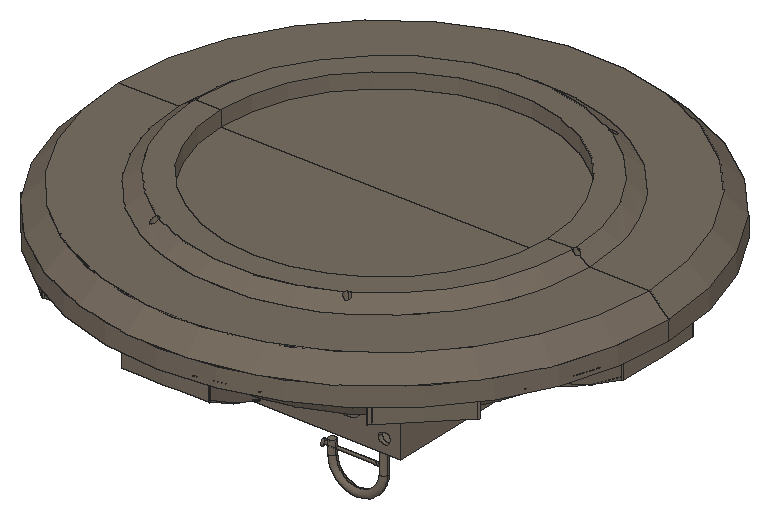
Revit family "MLB", category Lighting Fixtures, host Face, Revit 2020
Family settings
  Host = Face
  Round Connector Dimension = Use Diameter
  Part Type = Normal
  Cut with Voids When Loaded = No
  Light Source = Yes
  Shared = No
  Room Calculation Point = No
Parameters (values of type "MLB100501")
  Wattage = 87.5174 W
  WATTS = 100 W
  built-in parameter 1150110 = 1 (stored number, unit not read)
  Voltage Comments = "120-277 V"
  Voltage = 277 V
  URL = "https://www.abovealllighting.com/product/LED-OUTDOOR-FIXTURES/LED-Parking-Garage-light/LEDMOONSERIESPARKINGGARAGEFIXTURE.html"
  Type Comments = "LED MOON SERIES LOW BAY/GARAGE/CANOPY"  # constant formula
  built-in parameter 1114217 = 1 (stored number, unit not read)
  Tilt Angle = -90.00°
  built-in parameter 1150109 = 1 (stored number, unit not read)
  built-in parameter 1150134 = 2
  Surface Mount [instance] = MOUNTING OPTIION = 3  # no
  built-in parameter 1150113 = 1 (stored number, unit not read)
  Replaces/Equiv.(MH) = "250-400W"
  Photometric Web File = "MLB100501(L).ies"
  Pendent Rod Length_1 [instance] = if(Surface Mount, 0' 0", if(Hook Mount, Hook Length, Pendant Rod Length))  # 0' - 3"
  Pendent Mount [instance] = MOUNTING OPTIION = 2  # no
  Pendant Rod Length_2 [instance] = Pendent Rod Length_1  # 0' - 3"
  Pendant Rod Length [instance] = 2' - 0"
  Order number = "12649"
  Motion sensor = no
  Model = "MLB100501"
  Manufacturer = "Above All Lighting"  # constant formula
  MOUNTING OPTIION [instance] = 1
  built-in parameter 1150105 = 1034.5 (stored number, unit not read)
  Lumens = 13000 lm
  built-in parameter 1150115 = 1 (stored number, unit not read)
  built-in parameter 1150137 = (empty or 0)
  built-in parameter 1150139 = (empty or 0)
  built-in parameter 1150112 = 1 (stored number, unit not read)
  built-in parameter 1150114 = 1 (stored number, unit not read)
  LIGHT BASE = yes
  built-in parameter 1150132 = 2
  built-in parameter 1150102 = (empty or 0)
  built-in parameter 1150107 = 5000 (stored number, unit not read)
  built-in parameter 1150138 = (empty or 0)
  built-in parameter 1150106 = 10.345 (stored number, unit not read)
  IP Rating = "66"  # constant formula
  Hook Mount [instance] = MOUNTING OPTIION = 1  # yes
  Hook Length [instance] = 0' - 3"  # constant formula
  GLASS = Motion Sensor
  Fixture Diameter = 1' - 4 1/2"
  Finish/Color = Dark Bronze
  built-in parameter 1150104 = 13.8 (stored number, unit not read)
  Dimming Lamp Color Temperature Shift = <None>
  Description = "The moon series offers a  high-performance solution for the most demanding applications packaged \r\nin a unique and easy to install design . With different precision refractive optical lenses and versatile \r\nmounting options including post top , low bay, parking garage, and gas station canopy, this luminaire \r\ncan be used in many applications such as pedestrian street, factories, schools, gardens, courtyards, \r\nhotels, parking lots, and public parks. "  # constant formula
  Default Elevation = 4' - 0"
  Color Filter = 16777215
  CRI = "70"  # constant formula
  Base Width = 0' - 4 53/64"
  built-in parameter 1114218 = 1 (stored number, unit not read)
  BASE HEIGHT = 0' - 6 1/2"
  Average life based on 104F(HRS) = "70000"  # constant formula
  built-in parameter 1150133 = 10 (stored number, unit not read)
  Apparent Load = 0 VA
Reference planes (in)
  plane 1 "Center (Front/Back)": y = 0
  plane 2: z = 0
  plane 3 "Center (Left/Right)": x = 0
  plane 4: z = 3
  plane 5: z = 3
  plane 6: z = 11
Dimensions and locks (in)
  "Pendant Rod Length_2": plane 4 to plane 2
  "Hook Length": plane 5 to plane 2
  locked: plane 6 to plane 4 at 8
  aligned and locked: plane 2 to host face
  aligned and locked: level to host face
  aligned and locked: plane 1 "Center (Front/Back)" to nested 1
  aligned and locked: plane 3 "Center (Left/Right)" to nested 1
  aligned and locked: plane 1 "Center (Front/Back)" to nested 2
  aligned and locked: plane 3 "Center (Left/Right)" to nested 2
  aligned and locked: plane 1 "Center (Front/Back)" to nested 3
  aligned and locked: plane 3 "Center (Left/Right)" to nested 3
  aligned and locked: nested 3 to plane 4
  aligned and locked: plane 6 to imposter light
  aligned and locked: plane 3 "Center (Left/Right)" to imposter light
Automatic sketch dimensions
  host sketch curve to host sketch curve = 8' - 0"  (x2)
Nested families (in)
  nested 1: "MLB PENDANT MOUNT" at (0, 0, 0), Pendant Rod Length <- "Pendant Rod Length", Body Material <- "Finish/Color", visible <- "Pendent Mount", Pendent Mount <- "Pendent Mount", type "MLB PENDANT MOUNT"
    with Pendent Mount no, Pendant Rod Length 2' - 0", Body Material Dark Bronze
  nested 2: "MLB HOOK MOUNT" at (0, 0, 0), Hook Length <- "Hook Length", Body Material <- "Finish/Color", visible <- "Hook Mount", Hook Mount <- "Hook Mount", type "MLB HOOK MOUNT"
    with Hook Mount yes, Hook Length 0' - 3", Body Material Dark Bronze
  nested 3: "MLB BASE FAMILY" at (0, 0, 3), visible <- "LIGHT BASE", Motion Sensor <- "Motion sensor", BASE HEIGHT <- "BASE HEIGHT", CANOPY WIDTH <- "Base Width", Fixture Diameter <- "Fixture Diameter", Body Material <- "Finish/Color", Motion Sensor material <- "GLASS", LIGHT BASE <- "LIGHT BASE", type "MLB BASE FAMILY"
    with Motion Sensor material Motion Sensor, Motion Sensor no, Fixture Diameter 1' - 4 1/2", CANOPY WIDTH 0' - 4 53/64", Body Material Dark Bronze, BASE HEIGHT 0' - 6 1/2"
Connectors (in)
  electrical at (0, 0, 0), driven by "Voltage", driven by "Apparent Load"
    settings: on host face, index 1, voltage 277 V, apparent load 0 VA, apparent load phase1 0 VA, apparent load phase2 0 VA, apparent load phase3 0 VA, power factor 1, load classification "Lighting", number of poles 1, system type 30, power factor state 1, is connector primary yes, connector utility no, sub classification motor no, connector description ""
Definition of nested family "MLB HOOK MOUNT"
  Parameters (values of type "MLB HOOK MOUNT")
    Hook Mount [instance] = yes
    Hook Length [instance] = 0' - 3"
    Default Elevation = 0' - 0"
    Body Material [instance] = none
  Reference planes (in)
    plane 1 "Center (Front/Back)": y = 0
    plane 2: z = 0
    plane 3 "Center (Left/Right)": x = 0
    plane 4: z = 3
    plane 5: z = 5
    plane 6: x = -1.5
  Forms (in)
    Revolve 1, solid, material <- "Body Material", visible <- "Hook Mount"
      sketch origin (0, 0, 0) x (1, 0, 0) y (0, 0, 1)
        loop
          line (-0.11719, 3) -> (-1.11719, 3) -> (-1.11719, 2.75) -> (-0.86719, 2.75) -> (-0.86719, 2.5) -> (-0.11719, 2.5) -> (-0.11719, 3)
        axis (0, 2.5) -> (0, 3)
      angle from 0 to 360
    Sweep 2, solid, material <- "Body Material", visible <- "Hook Mount"
      path origin (0, 0, 0) x (1, 0, 0) y (0, 0, 1)
        loop
          line (-1.5, 1.10842) -> (-1.5, 0.73149)
          arc (-1.5, 0.73149) -> (-0.75, -0.01851) -> (0, 0.73149) r 0.75
          line (0, 0.73149) -> (0, 2.5)
      profile origin (-0.75, 0, -0.01851) x (0, 0, 1) y (0, -1, 0)
        loop
          circle (0, 0) r 0.10654
    Revolve 3, solid, material <- "Body Material", visible <- "Hook Mount"
      sketch origin (0, 0, 0) x (1, 0, 0) y (0, 0, 1)
        loop
          line (-0.18611, 0.96355) -> (-1.73125, 0.96355) -> (-1.75886, 1.01764) -> (-1.75886, 0.92405) -> (-0.04003, 0.92405) -> (-0.18611, 0.96355)
        axis (-0.04003, 0.92405) -> (-1.75886, 0.92405)
      angle from 0 to 360
    Extrusion 4, void
      sketch origin (0, 0, 0) x (1, 0, 0) y (0, 1, 0)
        loop
          arc (-0.46098, 0.09026) -> (-0.55157, -0.00033) -> (-0.46098, -0.09091) r 0.09058
          line (-0.46098, -0.09091) -> (0, -0.09091) -> (0, 0.09026) -> (-0.46098, 0.09026)
      from 2.21258 to 2.75
  Cuts and joins
    Extrusion 4 cuts Revolve 1
  Dimensions and locks (in)
    "Hook Length": plane 4 to plane 2
    locked: plane 5 to plane 2 at 5
    plane 3 "Center (Left/Right)" to plane 6 = 0' - 1 1/2"
    locked: Revolve 1 sketch curve to Revolve 1 sketch curve at 0.5
    locked: Revolve 1 sketch curve to Revolve 1 sketch curve at 0.25
    locked: Revolve 1 sketch curve to Revolve 1 sketch curve at 1
    locked: Revolve 1 sketch curve to Revolve 1 sketch curve at 0.75
    aligned and locked: plane 2 to level
    aligned and locked: plane 4 to Revolve 1 sketch curve
    aligned and locked: plane 3 "Center (Left/Right)" to Revolve 1 sketch curve
    aligned and locked: plane 3 "Center (Left/Right)" to Sweep 2 sketch curve
    aligned and locked: plane 6 to Sweep 2 sketch curve
  Automatic sketch dimensions
    Revolve 1 sketch curve to Revolve 1 sketch curve = 0' - 1.07125"
    Revolve 1 sketch curve to Revolve 1 sketch curve = 0' - 0.17875"
    Revolve 1 sketch curve to plane 3 "Center (Left/Right)" = 0' - 0 15/128"
    Sweep 2 sketch curve to plane 1 "Center (Front/Back)" = 0' - 0"
    profile plane to Sweep 2 sketch curve = 0' - 0"
    level to Sweep 2 sketch curve = 0' - 0.73149"
    Sweep 2 sketch curve to Sweep 2 sketch curve = 0' - 0.37693"
    Sweep 2 sketch curve to plane 4 = 0' - 0 1/2"
    Revolve 3 sketch curve to plane 6 = 0' - 0.25886"
    Revolve 3 sketch curve to Revolve 3 sketch curve = 0' - 0.0276"
    Revolve 3 sketch curve to plane 3 "Center (Left/Right)" = 0' - 0.18611"
    Revolve 3 sketch curve to plane 3 "Center (Left/Right)" = 0' - 0.04003"
    level to Revolve 3 sketch curve = 0' - 0.92405"
    Revolve 3 sketch curve to Revolve 3 sketch curve = 0' - 0.0395"  (x2)
    Revolve 3 sketch curve to Revolve 3 sketch curve = 0' - 0.05409"
    Revolve 3 sketch curve to plane 6 = 0' - 0.02581"
    plane 6 to Revolve 3 sketch curve = 0' - 0.0633"
    Extrusion 4 sketch curve to plane 3 "Center (Left/Right)" = 0' - 0"
    plane 1 "Center (Front/Back)" to Extrusion 4 sketch curve = 0' - 0.00033"
    Extrusion 4 sketch curve to plane 3 "Center (Left/Right)" = 0' - 0.46098"
    Extrusion 4 sketch curve to plane 1 "Center (Front/Back)" = 0' - 0.09026"
    radius of Sweep 2 sketch curve = 0' - 0.10654"
Definition of nested family "MLB BASE FAMILY"
  Parameters (values of type "MLB BASE FAMILY")
    Motion Sensor material [instance] = none
    Motion Sensor [instance] = yes
    LIGHT BASE [instance] = yes
    Fixture Diameter [instance] = 1' - 4 1/2"
    Default Elevation = 0' - 0"
    CANOPY WIDTH [instance] = 0' - 4.82877"
    Body Material [instance] = none
    BASE HEIGHT [instance] = 0' - 6 1/2"
  Reference planes (in)
    plane 1 "Center (Front/Back)": y = 0
    plane 2: z = 0
    plane 3 "Center (Left/Right)": x = 0
    plane 4: z = 6.5
    plane 5: x = -8.25
    plane 6: x = 8.25
    plane 7: y = -1.25
    plane 8: y = 1.25
    plane 9: y = 0.82397
    plane 10: y = -0.82397
  Forms (in)
    Revolve 1, solid, material <- "Body Material", visible <- "LIGHT BASE"
      sketch origin (0, 0, 0) x (1, 0, 0) y (0, 0, 1)
        loop
          line (0, 5.0625) -> (-4.75, 5.0625) -> (-4.75, 5.5) -> (-5.5, 5.5) -> (-5.95421, 5.18196) -> (-7.69083, 5.18196) -> (-8.25, 4.62279) -> (-8.25, 4.06029) -> (-8.03125, 4.06029) -> (-5.63364, 2.41707) -> (0, 2.41707) -> (0, 5.0625)
        axis (0, 2.41707) -> (0, 5.5)
      angle from 0 to 360
    Extrusion 2, solid, material <- "Body Material", visible <- "LIGHT BASE"
      sketch origin (0, 0, 0) x (1, 0, 0) y (0, 1, 0)
        loop
          line (-5.57306, 0.82397) -> (-7.90184, 1.24431)
          arc (-7.90184, 1.24431) -> (-7.92236, 1.25886) -> (-7.92733, 1.28351) r 0.03412
          line (-7.92733, 1.28351) -> (-7.93338, 1.25)
          arc (-7.93338, 1.25) -> (-8.02441, 0) -> (-7.93338, -1.25) r 8.62785
          line (-7.93338, -1.25) -> (-7.92733, -1.28351)
          arc (-7.92733, -1.28351) -> (-7.92236, -1.25886) -> (-7.90184, -1.24431) r 0.03412
          line (-7.90184, -1.24431) -> (-5.57306, -0.82397)
          arc (-5.57306, -0.82397) -> (-5.63364, 0) -> (-5.57306, 0.82397) r 5.63364
      from 2.01029 to 4.06029
    Extrusion 3, void
      sketch origin (0, 0, 0) x (1, 0, 0) y (0, 0, 1)
        loop
          line (-8.0593, 3.58128) -> (-8.0593, 2.01029) -> (-5.57299, 2.01029) -> (-5.57299, 2.41707) -> (-5.65656, 2.41707)
          arc (-5.65656, 2.41707) -> (-6.88972, 2.93357) -> (-8.0593, 3.58128) r 12.26001
      from -1.80104 to 2.37467
    Extrusion 4, solid, material <- "Body Material", visible <- "LIGHT BASE"
      sketch origin (0, 0, 0) x (0.707107, -0.707107, 0) y (0.707107, 0.707107, 0)
        loop
          line (-5.57306, 0.82397) -> (-7.90184, 1.24431)
          arc (-7.90184, 1.24431) -> (-7.92236, 1.25886) -> (-7.92733, 1.28351) r 0.03412
          line (-7.92733, 1.28351) -> (-7.93338, 1.25)
          arc (-7.93338, 1.25) -> (-8.02441, 0) -> (-7.93338, -1.25) r 8.62785
          line (-7.93338, -1.25) -> (-7.92733, -1.28351)
          arc (-7.92733, -1.28351) -> (-7.92236, -1.25886) -> (-7.90184, -1.24431) r 0.03412
          line (-7.90184, -1.24431) -> (-5.57306, -0.82397)
          arc (-5.57306, -0.82397) -> (-5.63364, 0) -> (-5.57306, 0.82397) r 5.63364
      from 2.01029 to 4.06029
    Extrusion 5, void
      sketch origin (0, 0, 0) x (0.707107, -0.707107, 0) y (0, 0, 1)
        loop
          line (-8.0593, 3.58128) -> (-8.0593, 2.01029) -> (-5.55932, 2.01029) -> (-5.55932, 2.3829)
          arc (-5.55932, 2.3829) -> (-6.84329, 2.9112) -> (-8.0593, 3.58128) r 12.26001
      from -1.80104 to 2.37467
    Extrusion 6, solid, material <- "Body Material", visible <- "LIGHT BASE"
      sketch origin (0, 0, 0) x (0.707107, 0.707107, 0) y (-0.707107, 0.707107, 0)
        loop
          line (-5.57306, 0.82397) -> (-7.90184, 1.24431)
          arc (-7.90184, 1.24431) -> (-7.92236, 1.25886) -> (-7.92733, 1.28351) r 0.03412
          line (-7.92733, 1.28351) -> (-7.93338, 1.25)
          arc (-7.93338, 1.25) -> (-8.02441, 0) -> (-7.93338, -1.25) r 8.62785
          line (-7.93338, -1.25) -> (-7.92733, -1.28351)
          arc (-7.92733, -1.28351) -> (-7.92236, -1.25886) -> (-7.90184, -1.24431) r 0.03412
          line (-7.90184, -1.24431) -> (-5.57306, -0.82397)
          arc (-5.57306, -0.82397) -> (-5.63364, 0) -> (-5.57306, 0.82397) r 5.63364
      from 2.01029 to 4.06029
    Extrusion 7, void
      sketch origin (0, 0, 0) x (0.707107, 0.707107, 0) y (0, 0, 1)
        loop
          line (-8.0593, 3.58128) -> (-8.0593, 2.01029) -> (-5.55932, 2.01029) -> (-5.55932, 2.3829)
          arc (-5.55932, 2.3829) -> (-6.84329, 2.9112) -> (-8.0593, 3.58128) r 12.26001
      from -1.80104 to 2.37467
    Extrusion 8, solid, material <- "Body Material", visible <- "LIGHT BASE"
      sketch origin (0, 0, 0) x (0, 1, 0) y (-1, 0, 0)
        loop
          line (-5.57306, 0.82397) -> (-7.90184, 1.24431)
          arc (-7.90184, 1.24431) -> (-7.92236, 1.25886) -> (-7.92733, 1.28351) r 0.03412
          line (-7.92733, 1.28351) -> (-7.93338, 1.25)
          arc (-7.93338, 1.25) -> (-8.02441, 0) -> (-7.93338, -1.25) r 8.62785
          line (-7.93338, -1.25) -> (-7.92733, -1.28351)
          arc (-7.92733, -1.28351) -> (-7.92236, -1.25886) -> (-7.90184, -1.24431) r 0.03412
          line (-7.90184, -1.24431) -> (-5.57306, -0.82397)
          arc (-5.57306, -0.82397) -> (-5.63364, 0) -> (-5.57306, 0.82397) r 5.63364
      from 2.01029 to 4.06029
    Extrusion 9, void
      sketch origin (0, 0, 0) x (0, 1, 0) y (0, 0, 1)
        loop
          line (-8.0593, 3.58128) -> (-8.0593, 2.01029) -> (-5.55932, 2.01029) -> (-5.55932, 2.3829)
          arc (-5.55932, 2.3829) -> (-6.84329, 2.9112) -> (-8.0593, 3.58128) r 12.26001
      from -1.80104 to 2.37467
    Extrusion 10, solid, material <- "Body Material", visible <- "LIGHT BASE"
      sketch origin (0, 0, 0) x (-0.707107, 0.707107, 0) y (-0.707107, -0.707107, 0)
        loop
          line (-5.57306, 0.82397) -> (-7.90184, 1.24431)
          arc (-7.90184, 1.24431) -> (-7.92236, 1.25886) -> (-7.92733, 1.28351) r 0.03412
          line (-7.92733, 1.28351) -> (-7.93338, 1.25)
          arc (-7.93338, 1.25) -> (-8.02441, 0) -> (-7.93338, -1.25) r 8.62785
          line (-7.93338, -1.25) -> (-7.92733, -1.28351)
          arc (-7.92733, -1.28351) -> (-7.92236, -1.25886) -> (-7.90184, -1.24431) r 0.03412
          line (-7.90184, -1.24431) -> (-5.57306, -0.82397)
          arc (-5.57306, -0.82397) -> (-5.63364, 0) -> (-5.57306, 0.82397) r 5.63364
      from 2.01029 to 4.06029
    Extrusion 11, void
      sketch origin (0, 0, 0) x (-0.707107, 0.707107, 0) y (0, 0, 1)
        loop
          line (-8.0593, 3.58128) -> (-8.0593, 2.01029) -> (-5.55932, 2.01029) -> (-5.55932, 2.3829)
          arc (-5.55932, 2.3829) -> (-6.84329, 2.9112) -> (-8.0593, 3.58128) r 12.26001
      from -1.80104 to 2.37467
    Extrusion 12, solid, material <- "Body Material", visible <- "LIGHT BASE"
      sketch origin (0, 0, 0) x (-1, 0, 0) y (0, -1, 0)
        loop
          line (-5.57306, 0.82397) -> (-7.90184, 1.24431)
          arc (-7.90184, 1.24431) -> (-7.92236, 1.25886) -> (-7.92733, 1.28351) r 0.03412
          line (-7.92733, 1.28351) -> (-7.93338, 1.25)
          arc (-7.93338, 1.25) -> (-8.02441, 0) -> (-7.93338, -1.25) r 8.62785
          line (-7.93338, -1.25) -> (-7.92733, -1.28351)
          arc (-7.92733, -1.28351) -> (-7.92236, -1.25886) -> (-7.90184, -1.24431) r 0.03412
          line (-7.90184, -1.24431) -> (-5.57306, -0.82397)
          arc (-5.57306, -0.82397) -> (-5.63364, 0) -> (-5.57306, 0.82397) r 5.63364
      from 2.01029 to 4.06029
    Extrusion 13, void
      sketch origin (0, 0, 0) x (-1, 0, 0) y (0, 0, 1)
        loop
          line (-8.0593, 3.58128) -> (-8.0593, 2.01029) -> (-5.55932, 2.01029) -> (-5.55932, 2.3829)
          arc (-5.55932, 2.3829) -> (-6.84329, 2.9112) -> (-8.0593, 3.58128) r 12.26001
      from -1.80104 to 2.37467
    Extrusion 14, solid, material <- "Body Material", visible <- "LIGHT BASE"
      sketch origin (0, 0, 0) x (-0.707107, -0.707107, 0) y (0.707107, -0.707107, 0)
        loop
          line (-5.57306, 0.82397) -> (-7.90184, 1.24431)
          arc (-7.90184, 1.24431) -> (-7.92236, 1.25886) -> (-7.92733, 1.28351) r 0.03412
          line (-7.92733, 1.28351) -> (-7.93338, 1.25)
          arc (-7.93338, 1.25) -> (-8.02441, 0) -> (-7.93338, -1.25) r 8.62785
          line (-7.93338, -1.25) -> (-7.92733, -1.28351)
          arc (-7.92733, -1.28351) -> (-7.92236, -1.25886) -> (-7.90184, -1.24431) r 0.03412
          line (-7.90184, -1.24431) -> (-5.57306, -0.82397)
          arc (-5.57306, -0.82397) -> (-5.63364, 0) -> (-5.57306, 0.82397) r 5.63364
      from 2.01029 to 4.06029
    Extrusion 15, void
      sketch origin (0, 0, 0) x (-0.707107, -0.707107, 0) y (0, 0, 1)
        loop
          line (-8.0593, 3.58128) -> (-8.0593, 2.01029) -> (-5.55932, 2.01029) -> (-5.55932, 2.3829)
          arc (-5.55932, 2.3829) -> (-6.84329, 2.9112) -> (-8.0593, 3.58128) r 12.26001
      from -1.80104 to 2.37467
    Extrusion 16, solid, material <- "Body Material", visible <- "LIGHT BASE"
      sketch origin (0, 0, 0) x (0, -1, 0) y (1, 0, 0)
        loop
          line (-5.57306, 0.82397) -> (-7.90184, 1.24431)
          arc (-7.90184, 1.24431) -> (-7.92236, 1.25886) -> (-7.92733, 1.28351) r 0.03412
          line (-7.92733, 1.28351) -> (-7.93338, 1.25)
          arc (-7.93338, 1.25) -> (-8.02441, 0) -> (-7.93338, -1.25) r 8.62785
          line (-7.93338, -1.25) -> (-7.92733, -1.28351)
          arc (-7.92733, -1.28351) -> (-7.92236, -1.25886) -> (-7.90184, -1.24431) r 0.03412
          line (-7.90184, -1.24431) -> (-5.57306, -0.82397)
          arc (-5.57306, -0.82397) -> (-5.63364, 0) -> (-5.57306, 0.82397) r 5.63364
      from 2.01029 to 4.06029
    Extrusion 17, void
      sketch origin (0, 0, 0) x (0, -1, 0) y (0, 0, 1)
        loop
          line (-8.0593, 3.58128) -> (-8.0593, 2.01029) -> (-5.55932, 2.01029) -> (-5.55932, 2.3829)
          arc (-5.55932, 2.3829) -> (-6.84329, 2.9112) -> (-8.0593, 3.58128) r 12.26001
      from -1.80104 to 2.37467
    Extrusion 18, solid, material <- "Body Material", visible <- "LIGHT BASE"
      sketch origin (0, 0, 0) x (1, 0, 0) y (0, 1, 0)
        loop
          line (-5.57306, -0.82397) -> (-4.83498, -0.69075)
          arc (-4.83498, -0.69075) -> (-3.46865, -1.43676) -> (-3.90728, -2.93041) r 1.24042
          line (-3.90728, -2.93041) -> (-4.52338, -3.35811) -> (-6.4673, -4.70759) -> (-6.42275, -4.77176) -> (-4.47634, -3.42056) -> (-3.86273, -2.99459)
          arc (-3.86273, -2.99459) -> (-3.39647, -1.40686) -> (-4.84886, -0.61387) r 1.31855
          line (-4.84886, -0.61387) -> (-5.58395, -0.74655) -> (-7.91572, -1.16742) -> (-7.90184, -1.24431) -> (-5.57306, -0.82397)
      from 2.34061 to 4.06029
    Extrusion 19, solid, material <- "Body Material", visible <- "LIGHT BASE"
      sketch origin (0, 0, 0) x (0.707107, -0.707107, 0) y (0.707107, 0.707107, 0)
        loop
          line (-5.57306, -0.82397) -> (-4.83498, -0.69075)
          arc (-4.83498, -0.69075) -> (-3.46865, -1.43676) -> (-3.90728, -2.93041) r 1.24042
          line (-3.90728, -2.93041) -> (-4.52338, -3.35811) -> (-6.4673, -4.70759) -> (-6.42275, -4.77176) -> (-4.47634, -3.42056) -> (-3.86273, -2.99459)
          arc (-3.86273, -2.99459) -> (-3.39647, -1.40686) -> (-4.84886, -0.61387) r 1.31855
          line (-4.84886, -0.61387) -> (-5.58395, -0.74655) -> (-7.91572, -1.16742) -> (-7.90184, -1.24431) -> (-5.57306, -0.82397)
      from 2.34061 to 4.06029
    Extrusion 20, solid, material <- "Body Material", visible <- "LIGHT BASE"
      sketch origin (0, 0, 0) x (0.707107, 0.707107, 0) y (-0.707107, 0.707107, 0)
        loop
          line (-5.57306, -0.82397) -> (-4.83498, -0.69075)
          arc (-4.83498, -0.69075) -> (-3.46865, -1.43676) -> (-3.90728, -2.93041) r 1.24042
          line (-3.90728, -2.93041) -> (-4.52338, -3.35811) -> (-6.4673, -4.70759) -> (-6.42275, -4.77176) -> (-4.47634, -3.42056) -> (-3.86273, -2.99459)
          arc (-3.86273, -2.99459) -> (-3.39647, -1.40686) -> (-4.84886, -0.61387) r 1.31855
          line (-4.84886, -0.61387) -> (-5.58395, -0.74655) -> (-7.91572, -1.16742) -> (-7.90184, -1.24431) -> (-5.57306, -0.82397)
      from 2.34061 to 4.06029
    Extrusion 21, solid, material <- "Body Material", visible <- "LIGHT BASE"
      sketch origin (0, 0, 0) x (0, 1, 0) y (-1, 0, 0)
        loop
          line (-5.57306, -0.82397) -> (-4.83498, -0.69075)
          arc (-4.83498, -0.69075) -> (-3.46865, -1.43676) -> (-3.90728, -2.93041) r 1.24042
          line (-3.90728, -2.93041) -> (-4.52338, -3.35811) -> (-6.4673, -4.70759) -> (-6.42275, -4.77176) -> (-4.47634, -3.42056) -> (-3.86273, -2.99459)
          arc (-3.86273, -2.99459) -> (-3.39647, -1.40686) -> (-4.84886, -0.61387) r 1.31855
          line (-4.84886, -0.61387) -> (-5.58395, -0.74655) -> (-7.91572, -1.16742) -> (-7.90184, -1.24431) -> (-5.57306, -0.82397)
      from 2.34061 to 4.06029
    Extrusion 22, solid, material <- "Body Material", visible <- "LIGHT BASE"
      sketch origin (0, 0, 0) x (-0.707107, 0.707107, 0) y (-0.707107, -0.707107, 0)
        loop
          line (-5.57306, -0.82397) -> (-4.83498, -0.69075)
          arc (-4.83498, -0.69075) -> (-3.46865, -1.43676) -> (-3.90728, -2.93041) r 1.24042
          line (-3.90728, -2.93041) -> (-4.52338, -3.35811) -> (-6.4673, -4.70759) -> (-6.42275, -4.77176) -> (-4.47634, -3.42056) -> (-3.86273, -2.99459)
          arc (-3.86273, -2.99459) -> (-3.39647, -1.40686) -> (-4.84886, -0.61387) r 1.31855
          line (-4.84886, -0.61387) -> (-5.58395, -0.74655) -> (-7.91572, -1.16742) -> (-7.90184, -1.24431) -> (-5.57306, -0.82397)
      from 2.34061 to 4.06029
    Extrusion 23, solid, material <- "Body Material", visible <- "LIGHT BASE"
      sketch origin (0, 0, 0) x (-1, 0, 0) y (0, -1, 0)
        loop
          line (-5.57306, -0.82397) -> (-4.83498, -0.69075)
          arc (-4.83498, -0.69075) -> (-3.46865, -1.43676) -> (-3.90728, -2.93041) r 1.24042
          line (-3.90728, -2.93041) -> (-4.52338, -3.35811) -> (-6.4673, -4.70759) -> (-6.42275, -4.77176) -> (-4.47634, -3.42056) -> (-3.86273, -2.99459)
          arc (-3.86273, -2.99459) -> (-3.39647, -1.40686) -> (-4.84886, -0.61387) r 1.31855
          line (-4.84886, -0.61387) -> (-5.58395, -0.74655) -> (-7.91572, -1.16742) -> (-7.90184, -1.24431) -> (-5.57306, -0.82397)
      from 2.34061 to 4.06029
    Extrusion 24, solid, material <- "Body Material", visible <- "LIGHT BASE"
      sketch origin (0, 0, 0) x (-0.707107, -0.707107, 0) y (0.707107, -0.707107, 0)
        loop
          line (-5.57306, -0.82397) -> (-4.83498, -0.69075)
          arc (-4.83498, -0.69075) -> (-3.46865, -1.43676) -> (-3.90728, -2.93041) r 1.24042
          line (-3.90728, -2.93041) -> (-4.52338, -3.35811) -> (-6.4673, -4.70759) -> (-6.42275, -4.77176) -> (-4.47634, -3.42056) -> (-3.86273, -2.99459)
          arc (-3.86273, -2.99459) -> (-3.39647, -1.40686) -> (-4.84886, -0.61387) r 1.31855
          line (-4.84886, -0.61387) -> (-5.58395, -0.74655) -> (-7.91572, -1.16742) -> (-7.90184, -1.24431) -> (-5.57306, -0.82397)
      from 2.34061 to 4.06029
    Extrusion 25, solid, material <- "Body Material", visible <- "LIGHT BASE"
      sketch origin (0, 0, 0) x (0, -1, 0) y (1, 0, 0)
        loop
          line (-5.57306, -0.82397) -> (-4.83498, -0.69075)
          arc (-4.83498, -0.69075) -> (-3.46865, -1.43676) -> (-3.90728, -2.93041) r 1.24042
          line (-3.90728, -2.93041) -> (-4.52338, -3.35811) -> (-6.4673, -4.70759) -> (-6.42275, -4.77176) -> (-4.47634, -3.42056) -> (-3.86273, -2.99459)
          arc (-3.86273, -2.99459) -> (-3.39647, -1.40686) -> (-4.84886, -0.61387) r 1.31855
          line (-4.84886, -0.61387) -> (-5.58395, -0.74655) -> (-7.91572, -1.16742) -> (-7.90184, -1.24431) -> (-5.57306, -0.82397)
      from 2.34061 to 4.06029
    Revolve 26, void
      sketch origin (0, 0, 0) x (1, 0, 0) y (0, 0, 1)
        loop
          line (-5.64756, 1.32717) -> (-5.64756, 2.34061)
          arc (-5.64756, 2.34061) -> (-6.93588, 2.9178) -> (-8.14756, 3.6422) r 12.00796
          line (-8.14756, 3.6422) -> (-8.14756, 1.32717) -> (-5.64756, 1.32717)
        axis (0, 1.32717) -> (0, 3.6422)
      angle from 0 to 360
    Revolve 27, void
      sketch origin (0, 0, 0) x (1, 0, 0) y (0, 0, 1)
        loop
          arc (-5.58676, 2.34061) -> (-6.8335, 2.89411) -> (-8.02433, 3.55943) r 14.88425
          line (-8.02433, 3.55943) -> (-8.64774, 3.55943) -> (-8.64774, 1.59061) -> (-5.58676, 1.59061) -> (-5.58676, 2.34061)
        axis (0, 1.59061) -> (0, 3.55943)
      angle from 0 to 360
    Revolve 28, solid, material <- "Motion Sensor material", visible <- "Motion Sensor"
      sketch origin (0, -6.8125, 0) x (1, 0, 0) y (0, 0, 1)
        loop
          line (-0.67368, 5.5) -> (-0.67368, 5.18196) -> (0, 5.18196) -> (0, 6.5)
          arc (0, 6.5) -> (-0.76561, 6.34592) -> (-1.349, 5.82674) r 1.49467
          line (-1.349, 5.82674) -> (-1.58906, 5.82674) -> (-1.58906, 5.72875) -> (-1.64298, 5.72875) -> (-1.64298, 5.66901) -> (-0.94303, 5.66901) -> (-0.94303, 5.56028) -> (-0.67368, 5.56028) -> (-0.67368, 5.5)
        axis (0, 5.18196) -> (0, 6.5)
      angle from 0 to 360
    Revolve 29, solid, material <- "Body Material", visible <- "Motion Sensor"
      sketch origin (0.28125, -5.90766, 0) x (1, 0, 0) y (0, 0, 1)
        loop
          line (-1.43272, 5.82674) -> (-1.43272, 5.95769) -> (-1.46977, 5.95769)
          arc (-1.46977, 5.95769) -> (-1.5141, 5.95098) -> (-1.55445, 5.93146) r 0.14981
          line (-1.55445, 5.93146) -> (-1.55445, 5.89947) -> (-1.46977, 5.89947) -> (-1.46977, 5.82674) -> (-1.43272, 5.82674)
        axis (-1.43272, 5.82674) -> (-1.43272, 5.95769)
      angle from 0 to 360
    Revolve 30, solid, material <- "Body Material", visible <- "Motion Sensor"
      sketch origin (-0.28125, -5.90766, 0) x (-1, 0, 0) y (0, 0, -1)
        loop
          line (-1.43272, -5.82674) -> (-1.46977, -5.82674) -> (-1.46977, -5.89947) -> (-1.55445, -5.89947) -> (-1.55445, -5.93146)
          arc (-1.55445, -5.93146) -> (-1.5141, -5.95098) -> (-1.46977, -5.95769) r 0.14981
          line (-1.46977, -5.95769) -> (-1.43272, -5.95769) -> (-1.43272, -5.82674)
        axis (-1.43272, -5.82674) -> (-1.43272, -5.95769)
      angle from 0 to 360
    Revolve 31, solid, material <- "Body Material", visible <- "Motion Sensor"
      sketch origin (0.28125, -7.71734, 0) x (1, 0, 0) y (0, 0, -1)
        loop
          line (-1.43272, -5.82674) -> (-1.46977, -5.82674) -> (-1.46977, -5.89947) -> (-1.55445, -5.89947) -> (-1.55445, -5.93146)
          arc (-1.55445, -5.93146) -> (-1.5141, -5.95098) -> (-1.46977, -5.95769) r 0.14981
          line (-1.46977, -5.95769) -> (-1.43272, -5.95769) -> (-1.43272, -5.82674)
        axis (-1.43272, -5.82674) -> (-1.43272, -5.95769)
      angle from 0 to 360
    Revolve 32, solid, material <- "Body Material", visible <- "Motion Sensor"
      sketch origin (-0.28125, -7.71734, 0) x (-1, 0, 0) y (0, 0, 1)
        loop
          line (-1.43272, 5.82674) -> (-1.43272, 5.95769) -> (-1.46977, 5.95769)
          arc (-1.46977, 5.95769) -> (-1.5141, 5.95098) -> (-1.55445, 5.93146) r 0.14981
          line (-1.55445, 5.93146) -> (-1.55445, 5.89947) -> (-1.46977, 5.89947) -> (-1.46977, 5.82674) -> (-1.43272, 5.82674)
        axis (-1.43272, 5.82674) -> (-1.43272, 5.95769)
      angle from 0 to 360
    Extrusion 33, solid, material <- "Body Material", visible <- "LIGHT BASE"
      sketch origin (0, 0, 0) x (1, 0, 0) y (0, 1, 0)
        loop
          line (-2.41438, 2.41438) -> (-2.41438, -2.41438) -> (2.41438, -2.41438) -> (2.41438, 2.41438) -> (-2.41438, 2.41438)
        loop
          line (-2.2972, 2.2972) -> (-2.2972, -2.2972) -> (2.2972, -2.2972) -> (2.2972, 2.2972) -> (-2.2972, 2.2972)
      from 0 to 2.41707
    Extrusion 34, void
      sketch origin (0, 0, 0) x (1, 0, 0) y (0, 0, 1)
        loop
          circle (1.94104, 0.37388) r 0.17339
      from 2.2972 to 2.41438
    Extrusion 35, solid, material <- "Body Material", visible <- "LIGHT BASE"
      sketch origin (0, 0, 0) x (1, 0, 0) y (0, 1, 0)
        loop
          line (-2.2972, -2.2972) -> (2.2972, -2.2972) -> (2.2972, 2.2972) -> (-2.2972, 2.2972) -> (-2.2972, -2.2972)
      from 0 to 0.14821
    Extrusion 36, void
      sketch origin (0, 0, 0) x (1, 0, 0) y (0, 0, 1)
        loop
          line (-0.55276, 2.41707) -> (-0.55276, 1.75427)
          arc (-0.55276, 1.75427) -> (-0.54154, 1.68407) -> (-0.47818, 1.65182) r 0.07837
          line (-0.47818, 1.65182) -> (0, 1.65182) -> (0, 1.79646)
          arc (0, 1.79646) -> (-0.01755, 1.83882) -> (-0.05992, 1.85637) r 0.05992
          line (-0.05992, 1.85637) -> (-0.20616, 1.85637)
          arc (-0.20616, 1.85637) -> (-0.26478, 1.88065) -> (-0.28906, 1.93927) r 0.0829
          line (-0.28906, 1.93927) -> (-0.28906, 2.41707) -> (-0.55276, 2.41707)
      from 0 to 12
    Revolve 37, solid, material <- "Body Material", visible <- "LIGHT BASE"
      sketch origin (0, 0, 0) x (0, 1, 0) y (0, 0, 1)
        loop
          line (-2.2972, 1.75427) -> (-2.2972, 1.85637) -> (-2.41438, 1.85637) -> (-2.41438, 1.89782)
          arc (-2.41438, 1.89782) -> (-2.46512, 1.83461) -> (-2.47589, 1.75427) r 0.15112
          line (-2.47589, 1.75427) -> (-2.2972, 1.75427)
        axis (-2.47589, 1.75427) -> (-2.2972, 1.75427)
      angle from 0 to 360
    Extrusion 38, solid, material <- "Body Material", visible <- "LIGHT BASE"
      sketch origin (0, 0, 0) x (1, 0, 0) y (0, 0, 1)
        loop
          circle (-1.37848, 1.14818) r 0.5
        loop
          line (-1.60051, 1.21951) -> (-1.60051, 1.03091) -> (-1.17974, 1.03091) -> (-1.17974, 1.21951) -> (-1.60051, 1.21951)
      from 2.2972 to 2.50383
    Extrusion 39, solid, material <- "Body Material", visible <- "LIGHT BASE"
      sketch origin (-0.4375, 0, 0) x (-1, 0, 0) y (0, 0, -1)
        loop
          circle (-1.37848, -1.14818) r 0.5
        loop
          line (-1.60051, -1.21951) -> (-1.17974, -1.21951) -> (-1.17974, -1.03091) -> (-1.60051, -1.03091) -> (-1.60051, -1.21951)
      from 2.2972 to 2.50383
    Extrusion 40, void
      sketch origin (0, 0, 0) x (1, 0, 0) y (0, 1, 0)
        loop
          circle (-2.7705, -6.83387) r 0.25
      from 3.25285 to 4.06029
    Extrusion 41, void
      sketch origin (0, 0, 0) x (0, -1, 0) y (1, 0, 0)
        loop
          circle (-2.7705, -6.83387) r 0.25
      from 3.25285 to 4.06029
    Extrusion 42, void
      sketch origin (0, 0, 0) x (0, 1, 0) y (-1, 0, 0)
        loop
          circle (-2.7705, -6.83387) r 0.25
      from 3.25285 to 4.06029
    Extrusion 43, void
      sketch origin (0, 0, 0) x (-1, 0, 0) y (0, -1, 0)
        loop
          circle (-2.7705, -6.83387) r 0.25
      from 3.25285 to 4.06029
    Extrusion 44, void
      sketch origin (0.07813, 0, 0) x (1, 0, 0) y (0, 1, 0)
        loop
          circle (5.5, 0) r 0.10457
      from 5.18196 to 5.82674
    Extrusion 45, void
      sketch origin (0.03906, -0.06766, 0) x (0.5, -0.866025, 0) y (0.866025, 0.5, 0)
        loop
          circle (5.5, 0) r 0.10457
      from 5.18196 to 5.82674
    Extrusion 46, void
      sketch origin (0.03906, 0.06766, 0) x (0.5, 0.866025, 0) y (-0.866025, 0.5, 0)
        loop
          circle (5.5, 0) r 0.10457
      from 5.18196 to 5.82674
    Extrusion 47, void
      sketch origin (-0.03906, 0.06766, 0) x (-0.5, 0.866025, 0) y (-0.866025, -0.5, 0)
        loop
          circle (5.5, 0) r 0.10457
      from 5.18196 to 5.82674
    Extrusion 48, void
      sketch origin (-0.07812, 0, 0) x (-1, 0, 0) y (0, -1, 0)
        loop
          circle (5.5, 0) r 0.10457
      from 5.18196 to 5.82674
    Extrusion 49, void
      sketch origin (-0.03906, -0.06766, 0) x (-0.5, -0.866025, 0) y (0.866025, -0.5, 0)
        loop
          circle (5.5, 0) r 0.10457
      from 5.18196 to 5.82674
  Cuts and joins
    Extrusion 3, Extrusion 5 cuts Extrusion 2
    Extrusion 5 cuts Extrusion 4
    Extrusion 7 cuts Extrusion 6
    Extrusion 9 cuts Extrusion 8
    Extrusion 11 cuts Extrusion 10
    Extrusion 13, Extrusion 42 cuts Extrusion 12
    Extrusion 15 cuts Extrusion 14
    Extrusion 17 cuts Extrusion 16
    Revolve 26 cuts Extrusion 19
    Revolve 27 cuts Extrusion 21
    Revolve 27 cuts Extrusion 24
    Revolve 26 cuts Extrusion 22
    Revolve 26, Extrusion 42 cuts Extrusion 23
    Revolve 27 cuts Extrusion 25
    Revolve 27 cuts Extrusion 20
    Revolve 26 cuts Extrusion 18
    Extrusion 34, Extrusion 36 cuts Extrusion 33
    joined: Extrusion 33, Extrusion 35, Extrusion 38, Extrusion 39
    Extrusion 40, Extrusion 41, Extrusion 42, Extrusion 43, Extrusion 44, Extrusion 45, Extrusion 46, Extrusion 47, Extrusion 48, Extrusion 49 cuts Revolve 1
  Lines and regions (in)
    symbolic lines
      curve 1: line (0, 5.63364, 2.41707) -> (0, 5.63364, 4.06029)
    model lines
      curve 2: line (-4.5593, 0, 4.06029) -> (-4.5593, 0, 3.25285)
      curve 3: line (-1.58906, 0, 4.06029) -> (-1.58906, 0, 3.63117)
      curve 4: line (-4.30172, 0, 3.45409) -> (-4.30172, 0, 3.63117)
      curve 5: line (-1.83906, 0, 3.45409) -> (-1.83906, 0, 3.63117)
  Dimensions and locks (in)
    plane 4 to plane 2 = 0' - 6 1/2"
    equal spacing: plane 6, plane 3 "Center (Left/Right)", plane 5
    "Fixture Diameter": plane 6 to plane 5
    curve 5 to curve 4 = 0' - 2.46265"
    curve 2 to curve 3 = 0' - 2.97023"
    equal spacing: plane 8, plane 1 "Center (Front/Back)", plane 7
    plane 8 to plane 7 = 0' - 2 1/2"
    equal spacing: plane 10, plane 1 "Center (Front/Back)", plane 9
    plane 10 to plane 9 = 0' - 1.64794"
    locked: Extrusion 35 to cut or joined group of Extrusion 33, Extrusion 34, Extrusion 35, Extrusion 36, Extrusion 38, Extrusion 39 at 0.14821
    aligned and locked: plane 2 to level
    aligned and locked: plane 3 "Center (Left/Right)" to Revolve 1 sketch curve  (x2)
    aligned and locked: Revolve 1 sketch curve to plane 5
    aligned and locked: Extrusion 18 to Revolve 1
    aligned and locked: Extrusion 33 to Revolve 1
    aligned and locked: Extrusion 33 to level
    aligned and locked: Extrusion 33 to Extrusion 34  (x2)
    aligned and locked: Extrusion 35 sketch curve to cut or joined group of Extrusion 33, Extrusion 34, Extrusion 35, Extrusion 36, Extrusion 38, Extrusion 39  (x4)
    aligned and locked: Extrusion 35 to level
  Automatic sketch dimensions
    plane 8 to curve 1 = 0' - 4.38364"
    level to curve 1 = 0' - 2.41707"
    curve 1 to curve 1 = 0' - 1.64322"
    plane 5 to curve 2 = 0' - 3.6907"
    curve 2 to plane 4 = 0' - 3.24715"
    curve 2 to curve 4 = 0' - 0.25758"
    curve 2 to curve 5 = 0' - 0.20124"
    curve 2 to curve 4 = 0' - 0.20124"
    curve 5 to curve 3 = 0' - 0.17709"
    curve 4 to curve 4 = 0' - 0.17709"
    curve 5 to curve 5 = 0' - 0.17709"
    curve 3 to curve 3 = 0' - 0.42912"
    curve 4 to curve 2 = 0' - 0.42912"
    Revolve 1 sketch curve to plane 4 = 0' - 0"
    Revolve 1 sketch curve to Revolve 1 sketch curve = 0' - 0 7/32"
    plane 5 to Revolve 1 sketch curve = 0' - 0.55917"
    Revolve 1 sketch curve to Revolve 1 sketch curve = 0' - 1.73662"
    plane 5 to Revolve 1 sketch curve = 0' - 2.61636"
    Revolve 1 sketch curve to Revolve 1 sketch curve = 0' - 0.45421"
    Revolve 1 sketch curve to Revolve 1 sketch curve = 0' - 0 3/4"
    Revolve 1 sketch curve to plane 4 = 0' - 1"
    Revolve 1 sketch curve to plane 4 = 0' - 1.31804"
    Revolve 1 sketch curve to plane 4 = 0' - 1 7/16"
    Revolve 1 sketch curve to Revolve 1 sketch curve = 0' - 0.55917"
    Revolve 1 sketch curve to Revolve 1 sketch curve = 0' - 0 9/16"
    level to Revolve 1 sketch curve = 0' - 2.41707"
    Revolve 1 sketch curve to Revolve 1 sketch curve = 0' - 1 1/2"
    Extrusion 2 sketch curve to plane 7 = 0' - 0"
    Extrusion 2 sketch curve to plane 8 = 0' - 0"
    Extrusion 2 sketch curve to plane 9 = 0' - 0"
    plane 10 to Extrusion 2 sketch curve = 0' - 0"
    plane 1 "Center (Front/Back)" to Extrusion 2 sketch curve = 0' - 0"  (x2)
    Extrusion 2 sketch curve to plane 3 "Center (Left/Right)" = 0' - 0"
    plane 5 to Extrusion 2 sketch curve = 0' - 2.67694"
    Extrusion 2 sketch curve to plane 7 = 0' - 0.02745"
    plane 5 to Extrusion 2 sketch curve = 0' - 0.35625"  (x2)
    plane 8 to Extrusion 2 sketch curve = 0' - 0.02745"
    plane 7 to Extrusion 2 sketch curve = 0' - 0.00569"
    Extrusion 2 sketch curve to Extrusion 2 sketch curve = 0' - 0.00809"  (x2)
    Extrusion 2 sketch curve to plane 8 = 0' - 0.00569"
    Extrusion 2 sketch curve to plane 7 = 0' - 0.03351"
    plane 8 to Extrusion 2 sketch curve = 0' - 0.03351"
    Extrusion 2 sketch curve to Extrusion 2 sketch curve = 0' - 0.03154"
    Extrusion 2 sketch curve to Extrusion 2 sketch curve = 0' - 0.60344"
    plane 5 to Extrusion 3 sketch curve = 0' - 0.1907"
    Extrusion 3 sketch curve to Extrusion 3 sketch curve = 0' - 2.40273"
    Extrusion 3 sketch curve to Extrusion 3 sketch curve = 0' - 0.08358"
    Extrusion 3 sketch curve to plane 3 "Center (Left/Right)" = 0' - 1.54377"
    level to Extrusion 3 sketch curve = 0' - 2.01029"
    Extrusion 3 sketch curve to Extrusion 3 sketch curve = 0' - 0.40678"
    Extrusion 3 sketch curve to Extrusion 3 sketch curve = 0' - 1.571"
    plane 1 "Center (Front/Back)" to Extrusion 4 sketch curve = 0' - 0"
    Extrusion 4 sketch curve to plane 3 "Center (Left/Right)" = 0' - 0"
    Extrusion 4 sketch curve to Extrusion 4 sketch curve = 0' - 5.57306"
    Extrusion 4 sketch curve to Extrusion 4 sketch curve = 0' - 0"  (x2)
    Extrusion 4 sketch curve to Extrusion 4 sketch curve = 0' - 2.3207"  (x2)
    Extrusion 4 sketch curve to Extrusion 4 sketch curve = 0' - 0.00809"  (x2)
    Extrusion 4 sketch curve to Extrusion 4 sketch curve = 0' - 0.03358"  (x2)
    Extrusion 4 sketch curve to Extrusion 4 sketch curve = 0' - 0.03154"  (x2)
    Extrusion 4 sketch curve to Extrusion 4 sketch curve = 0' - 0.60344"
    Extrusion 4 sketch curve to Extrusion 4 sketch curve = 0' - 0.82397"
    Extrusion 4 sketch curve to Extrusion 4 sketch curve = 0' - 0.42034"
    Extrusion 4 sketch curve to Extrusion 4 sketch curve = 0' - 0.00569"  (x2)
    Extrusion 4 sketch curve to Extrusion 4 sketch curve = 0' - 0.03315"  (x2)
    level to Extrusion 5 sketch curve = 0' - 2.01029"
    Extrusion 5 sketch curve to Extrusion 5 sketch curve = 0' - 2 1/2"
    plane 4 to Extrusion 5 sketch curve = 0' - 7.46664"
    Extrusion 5 sketch curve to Extrusion 5 sketch curve = 0' - 6.51553"
    Extrusion 5 sketch curve to Extrusion 5 sketch curve = 0' - 0.37261"
    plane 1 "Center (Front/Back)" to Extrusion 6 sketch curve = 0' - 0"
    Extrusion 6 sketch curve to plane 3 "Center (Left/Right)" = 0' - 0"
    Extrusion 6 sketch curve to Extrusion 6 sketch curve = 0' - 5.57306"
    Extrusion 6 sketch curve to Extrusion 6 sketch curve = 0' - 0"  (x2)
    Extrusion 6 sketch curve to Extrusion 6 sketch curve = 0' - 2.3207"  (x2)
    Extrusion 6 sketch curve to Extrusion 6 sketch curve = 0' - 0.00809"  (x2)
    Extrusion 6 sketch curve to Extrusion 6 sketch curve = 0' - 0.03358"  (x2)
    Extrusion 6 sketch curve to Extrusion 6 sketch curve = 0' - 0.03154"  (x2)
    Extrusion 6 sketch curve to Extrusion 6 sketch curve = 0' - 0.60344"
    Extrusion 6 sketch curve to Extrusion 6 sketch curve = 0' - 0.82397"
    Extrusion 6 sketch curve to Extrusion 6 sketch curve = 0' - 0.42034"
    Extrusion 6 sketch curve to Extrusion 6 sketch curve = 0' - 0.00569"  (x2)
    Extrusion 6 sketch curve to Extrusion 6 sketch curve = 0' - 0.03315"  (x2)
    level to Extrusion 7 sketch curve = 0' - 2.01029"
    Extrusion 7 sketch curve to Extrusion 7 sketch curve = 0' - 2 1/2"
    plane 4 to Extrusion 7 sketch curve = 0' - 7.46664"
    Extrusion 7 sketch curve to Extrusion 7 sketch curve = 0' - 6.51553"
    Extrusion 7 sketch curve to Extrusion 7 sketch curve = 0' - 0.37261"
    plane 1 "Center (Front/Back)" to Extrusion 8 sketch curve = 0' - 0"
    Extrusion 8 sketch curve to plane 3 "Center (Left/Right)" = 0' - 0"  (x2)
    plane 3 "Center (Left/Right)" to Extrusion 8 sketch curve = 0' - 0.82397"
    Extrusion 8 sketch curve to plane 7 = 0' - 4.32306"
    Extrusion 8 sketch curve to plane 3 "Center (Left/Right)" = 0' - 0.82397"
    Extrusion 8 sketch curve to Extrusion 8 sketch curve = 0' - 2.3207"  (x2)
    plane 3 "Center (Left/Right)" to Extrusion 8 sketch curve = 0' - 1.24431"
    Extrusion 8 sketch curve to Extrusion 8 sketch curve = 0' - 0.00809"  (x2)
    Extrusion 8 sketch curve to plane 3 "Center (Left/Right)" = 0' - 1.24431"
    plane 3 "Center (Left/Right)" to Extrusion 8 sketch curve = 0' - 1.28351"
    Extrusion 8 sketch curve to Extrusion 8 sketch curve = 0' - 0.03358"  (x2)
    Extrusion 8 sketch curve to plane 3 "Center (Left/Right)" = 0' - 1.28351"
    plane 3 "Center (Left/Right)" to Extrusion 8 sketch curve = 0' - 1 1/4"
    Extrusion 8 sketch curve to Extrusion 8 sketch curve = 0' - 0.03154"
    Extrusion 8 sketch curve to plane 3 "Center (Left/Right)" = 0' - 1 1/4"
    Extrusion 8 sketch curve to plane 9 = 0' - 0.22053"
    level to Extrusion 9 sketch curve = 0' - 2.01029"
    Extrusion 9 sketch curve to plane 7 = 0' - 6.8093"
    Extrusion 9 sketch curve to Extrusion 9 sketch curve = 0' - 2 1/2"
    Extrusion 9 sketch curve to plane 7 = 0' - 0.29377"
    Extrusion 9 sketch curve to Extrusion 9 sketch curve = 0' - 0.37261"
    Extrusion 9 sketch curve to Extrusion 9 sketch curve = 0' - 1.571"
    plane 1 "Center (Front/Back)" to Extrusion 10 sketch curve = 0' - 0"
    Extrusion 10 sketch curve to plane 3 "Center (Left/Right)" = 0' - 0"
    Extrusion 10 sketch curve to Extrusion 10 sketch curve = 0' - 5.57306"
    Extrusion 10 sketch curve to Extrusion 10 sketch curve = 0' - 0"  (x2)
    Extrusion 10 sketch curve to Extrusion 10 sketch curve = 0' - 2.3207"  (x2)
    Extrusion 10 sketch curve to Extrusion 10 sketch curve = 0' - 0.00809"  (x2)
    Extrusion 10 sketch curve to Extrusion 10 sketch curve = 0' - 0.03358"  (x2)
    Extrusion 10 sketch curve to Extrusion 10 sketch curve = 0' - 0.03154"  (x2)
    Extrusion 10 sketch curve to Extrusion 10 sketch curve = 0' - 0.60344"
    Extrusion 10 sketch curve to Extrusion 10 sketch curve = 0' - 0.82397"
    Extrusion 10 sketch curve to Extrusion 10 sketch curve = 0' - 0.42034"
    Extrusion 10 sketch curve to Extrusion 10 sketch curve = 0' - 0.00569"  (x2)
    Extrusion 10 sketch curve to Extrusion 10 sketch curve = 0' - 0.03315"  (x2)
    level to Extrusion 11 sketch curve = 0' - 2.01029"
    Extrusion 11 sketch curve to Extrusion 11 sketch curve = 0' - 2 1/2"
    plane 4 to Extrusion 11 sketch curve = 0' - 7.46664"
    Extrusion 11 sketch curve to Extrusion 11 sketch curve = 0' - 6.51553"
    Extrusion 11 sketch curve to Extrusion 11 sketch curve = 0' - 0.37261"
    Extrusion 12 sketch curve to plane 8 = 0' - 0"
    Extrusion 12 sketch curve to plane 7 = 0' - 0"
    plane 10 to Extrusion 12 sketch curve = 0' - 0"
    plane 9 to Extrusion 12 sketch curve = 0' - 0"
    plane 1 "Center (Front/Back)" to Extrusion 12 sketch curve = 0' - 0"  (x2)
    Extrusion 12 sketch curve to plane 3 "Center (Left/Right)" = 0' - 0"
    plane 6 to Extrusion 12 sketch curve = 0' - 2.67694"
    plane 8 to Extrusion 12 sketch curve = 0' - 0.02745"
    plane 6 to Extrusion 12 sketch curve = 0' - 0.35625"  (x2)
    Extrusion 12 sketch curve to plane 7 = 0' - 0.02745"
    Extrusion 12 sketch curve to plane 8 = 0' - 0.00569"
    Extrusion 12 sketch curve to Extrusion 12 sketch curve = 0' - 0.00809"  (x2)
    plane 7 to Extrusion 12 sketch curve = 0' - 0.00569"
    plane 8 to Extrusion 12 sketch curve = 0' - 0.03351"
    Extrusion 12 sketch curve to plane 7 = 0' - 0.03351"
    Extrusion 12 sketch curve to Extrusion 12 sketch curve = 0' - 0.03154"
    Extrusion 12 sketch curve to Extrusion 12 sketch curve = 0' - 0.60344"
    plane 6 to Extrusion 13 sketch curve = 0' - 0.1907"
    Extrusion 13 sketch curve to Extrusion 13 sketch curve = 0' - 2 1/2"
    plane 3 "Center (Left/Right)" to Extrusion 13 sketch curve = 0' - 1.54377"
    level to Extrusion 13 sketch curve = 0' - 2.01029"
    Extrusion 13 sketch curve to Extrusion 13 sketch curve = 0' - 0.37261"
    Extrusion 13 sketch curve to Extrusion 13 sketch curve = 0' - 1.571"
    plane 1 "Center (Front/Back)" to Extrusion 14 sketch curve = 0' - 0"
    Extrusion 14 sketch curve to plane 3 "Center (Left/Right)" = 0' - 0"
    Extrusion 14 sketch curve to Extrusion 14 sketch curve = 0' - 5.57306"
    Extrusion 14 sketch curve to Extrusion 14 sketch curve = 0' - 0"  (x2)
    Extrusion 14 sketch curve to Extrusion 14 sketch curve = 0' - 2.3207"  (x2)
    Extrusion 14 sketch curve to Extrusion 14 sketch curve = 0' - 0.00809"  (x2)
    Extrusion 14 sketch curve to Extrusion 14 sketch curve = 0' - 0.03358"  (x2)
    Extrusion 14 sketch curve to Extrusion 14 sketch curve = 0' - 0.03154"  (x2)
    Extrusion 14 sketch curve to Extrusion 14 sketch curve = 0' - 0.60344"
    Extrusion 14 sketch curve to Extrusion 14 sketch curve = 0' - 0.82397"
    Extrusion 14 sketch curve to Extrusion 14 sketch curve = 0' - 0.42034"
    Extrusion 14 sketch curve to Extrusion 14 sketch curve = 0' - 0.00569"  (x2)
    Extrusion 14 sketch curve to Extrusion 14 sketch curve = 0' - 0.03315"  (x2)
    level to Extrusion 15 sketch curve = 0' - 2.01029"
    Extrusion 15 sketch curve to Extrusion 15 sketch curve = 0' - 2 1/2"
    plane 4 to Extrusion 15 sketch curve = 0' - 7.46664"
    Extrusion 15 sketch curve to Extrusion 15 sketch curve = 0' - 6.51553"
    Extrusion 15 sketch curve to Extrusion 15 sketch curve = 0' - 0.37261"
    plane 1 "Center (Front/Back)" to Extrusion 16 sketch curve = 0' - 0"
    Extrusion 16 sketch curve to plane 3 "Center (Left/Right)" = 0' - 0"  (x2)
    Extrusion 16 sketch curve to plane 3 "Center (Left/Right)" = 0' - 0.82397"
    plane 8 to Extrusion 16 sketch curve = 0' - 4.32306"
    plane 3 "Center (Left/Right)" to Extrusion 16 sketch curve = 0' - 0.82397"
    Extrusion 16 sketch curve to Extrusion 16 sketch curve = 0' - 2.3207"  (x2)
    Extrusion 16 sketch curve to plane 3 "Center (Left/Right)" = 0' - 1.24431"
    Extrusion 16 sketch curve to Extrusion 16 sketch curve = 0' - 0.00809"  (x2)
    plane 3 "Center (Left/Right)" to Extrusion 16 sketch curve = 0' - 1.24431"
    Extrusion 16 sketch curve to plane 3 "Center (Left/Right)" = 0' - 1.28351"
    Extrusion 16 sketch curve to Extrusion 16 sketch curve = 0' - 0.03358"  (x2)
    plane 3 "Center (Left/Right)" to Extrusion 16 sketch curve = 0' - 1.28351"
    Extrusion 16 sketch curve to plane 3 "Center (Left/Right)" = 0' - 1 1/4"
    Extrusion 16 sketch curve to Extrusion 16 sketch curve = 0' - 0.03154"
    plane 3 "Center (Left/Right)" to Extrusion 16 sketch curve = 0' - 1 1/4"
    Extrusion 16 sketch curve to plane 10 = 0' - 0.22053"
    level to Extrusion 17 sketch curve = 0' - 2.01029"
    plane 8 to Extrusion 17 sketch curve = 0' - 6.8093"
    Extrusion 17 sketch curve to Extrusion 17 sketch curve = 0' - 2 1/2"
    plane 8 to Extrusion 17 sketch curve = 0' - 0.29377"
    Extrusion 17 sketch curve to Extrusion 17 sketch curve = 0' - 0.37261"
    Extrusion 17 sketch curve to Extrusion 17 sketch curve = 0' - 1.571"
    Extrusion 18 sketch curve to Extrusion 18 sketch curve = 0' - 0"  (x2)
    plane 10 to Extrusion 18 sketch curve = 0' - 0"
    plane 7 to Extrusion 18 sketch curve = 0' - 0.08258"
    plane 5 to Extrusion 18 sketch curve = 0' - 0.33428"
    plane 7 to Extrusion 18 sketch curve = 0' - 0.00569"
    Extrusion 18 sketch curve to Extrusion 18 sketch curve = 0' - 0.01388"  (x2)
    plane 5 to Extrusion 18 sketch curve = 0' - 1.7827"
    Extrusion 18 sketch curve to Extrusion 18 sketch curve = 0' - 0.04455"
    Extrusion 18 sketch curve to plane 10 = 0' - 0.07742"
    Extrusion 18 sketch curve to plane 10 = 0' - 0.2101"
    Extrusion 18 sketch curve to Extrusion 18 sketch curve = 0' - 0.73509"
    Extrusion 18 sketch curve to plane 10 = 0' - 0.13322"
    Extrusion 18 sketch curve to Extrusion 18 sketch curve = 0' - 0.22033"
    Extrusion 18 sketch curve to plane 7 = 0' - 2.10811"
    Extrusion 18 sketch curve to Extrusion 18 sketch curve = 0' - 0.09127"
    Extrusion 18 sketch curve to plane 7 = 0' - 2.17056"
    Extrusion 18 sketch curve to Extrusion 18 sketch curve = 0' - 0.04704"
    Extrusion 18 sketch curve to plane 7 = 0' - 1.68041"
    Extrusion 18 sketch curve to Extrusion 18 sketch curve = 0' - 0.6161"
    Extrusion 18 sketch curve to plane 7 = 0' - 1.74459"
    Extrusion 19 sketch curve to Extrusion 19 sketch curve = 0' - 0"  (x2)
    Extrusion 19 sketch curve to plane 9 = 0' - 0"
    plane 5 to Extrusion 19 sketch curve = 0' - 1.82725"
    plane 8 to Extrusion 19 sketch curve = 0' - 3.52176"
    Extrusion 19 sketch curve to Extrusion 19 sketch curve = 0' - 0.01388"  (x2)
    Extrusion 19 sketch curve to Extrusion 19 sketch curve = 0' - 1.43454"
    Extrusion 19 sketch curve to Extrusion 19 sketch curve = 0' - 0.04455"  (x2)
    Extrusion 19 sketch curve to Extrusion 19 sketch curve = 0' - 2.33176"
    Extrusion 19 sketch curve to Extrusion 19 sketch curve = 0' - 0.0109"
    Extrusion 19 sketch curve to Extrusion 19 sketch curve = 0' - 0.73509"
    Extrusion 19 sketch curve to Extrusion 19 sketch curve = 0' - 0.22033"
    Extrusion 19 sketch curve to Extrusion 19 sketch curve = 0' - 0.09127"
    Extrusion 19 sketch curve to Extrusion 19 sketch curve = 0' - 0.04704"
    Extrusion 19 sketch curve to Extrusion 19 sketch curve = 0' - 0.6161"
    Extrusion 19 sketch curve to Extrusion 19 sketch curve = 0' - 0.06245"
    Extrusion 19 sketch curve to Extrusion 19 sketch curve = 0' - 0.42597"
    Extrusion 19 sketch curve to Extrusion 19 sketch curve = 0' - 0.06418"
    Extrusion 19 sketch curve to Extrusion 19 sketch curve = 0' - 1.01896"
    Extrusion 19 sketch curve to Extrusion 19 sketch curve = 0' - 0.07688"
    Extrusion 20 sketch curve to Extrusion 20 sketch curve = 0' - 0"  (x2)
    plane 5 to Extrusion 20 sketch curve = 0' - 3.47824"
    Extrusion 20 sketch curve to plane 7 = 0' - 5.17275"
    Extrusion 20 sketch curve to Extrusion 20 sketch curve = 0' - 0.01388"  (x2)
    Extrusion 20 sketch curve to Extrusion 20 sketch curve = 0' - 1.43454"
    Extrusion 20 sketch curve to Extrusion 20 sketch curve = 0' - 0.04455"  (x2)
    Extrusion 20 sketch curve to Extrusion 20 sketch curve = 0' - 2.33176"
    Extrusion 20 sketch curve to Extrusion 20 sketch curve = 0' - 0.0109"
    Extrusion 20 sketch curve to Extrusion 20 sketch curve = 0' - 0.73509"
    Extrusion 20 sketch curve to Extrusion 20 sketch curve = 0' - 0.22033"
    Extrusion 20 sketch curve to Extrusion 20 sketch curve = 0' - 0.09127"
    Extrusion 20 sketch curve to Extrusion 20 sketch curve = 0' - 0.04704"
    Extrusion 20 sketch curve to Extrusion 20 sketch curve = 0' - 0.6161"
    Extrusion 20 sketch curve to Extrusion 20 sketch curve = 0' - 0.07688"
    Extrusion 20 sketch curve to Extrusion 20 sketch curve = 0' - 1.08748"
    Extrusion 20 sketch curve to Extrusion 20 sketch curve = 0' - 1.01896"
    Extrusion 20 sketch curve to Extrusion 20 sketch curve = 0' - 0.06418"
    Extrusion 20 sketch curve to Extrusion 20 sketch curve = 0' - 0.4277"
    Extrusion 20 sketch curve to Extrusion 20 sketch curve = 0' - 0.06245"
    Extrusion 21 sketch curve to Extrusion 21 sketch curve = 0' - 0"  (x2)
    plane 3 "Center (Left/Right)" to Extrusion 21 sketch curve = 0' - 1.16742"
    Extrusion 21 sketch curve to plane 7 = 0' - 6.66572"
    plane 3 "Center (Left/Right)" to Extrusion 21 sketch curve = 0' - 1.24431"
    Extrusion 21 sketch curve to Extrusion 21 sketch curve = 0' - 0.01388"  (x2)
    Extrusion 21 sketch curve to Extrusion 21 sketch curve = 0' - 1.43454"
    plane 6 to Extrusion 21 sketch curve = 0' - 3.47824"
    Extrusion 21 sketch curve to Extrusion 21 sketch curve = 0' - 0.04455"  (x2)
    plane 3 "Center (Left/Right)" to Extrusion 21 sketch curve = 0' - 0.74655"
    plane 3 "Center (Left/Right)" to Extrusion 21 sketch curve = 0' - 0.82397"
    plane 3 "Center (Left/Right)" to Extrusion 21 sketch curve = 0' - 0.61387"
    Extrusion 21 sketch curve to Extrusion 21 sketch curve = 0' - 0.73509"
    plane 3 "Center (Left/Right)" to Extrusion 21 sketch curve = 0' - 0.69075"
    Extrusion 21 sketch curve to Extrusion 21 sketch curve = 0' - 0.22033"
    Extrusion 21 sketch curve to Extrusion 21 sketch curve = 0' - 0.09127"
    Extrusion 21 sketch curve to Extrusion 21 sketch curve = 0' - 0.04704"
    Extrusion 21 sketch curve to Extrusion 21 sketch curve = 0' - 0.6161"
    Extrusion 21 sketch curve to Extrusion 21 sketch curve = 0' - 0.06418"
    Extrusion 21 sketch curve to Extrusion 21 sketch curve = 0' - 0.42597"
    Extrusion 22 sketch curve to Extrusion 22 sketch curve = 0' - 0"  (x2)
    plane 10 to Extrusion 22 sketch curve = 0' - 0"
    plane 6 to Extrusion 22 sketch curve = 0' - 1.82725"
    Extrusion 22 sketch curve to plane 7 = 0' - 3.52176"
    Extrusion 22 sketch curve to Extrusion 22 sketch curve = 0' - 0.01388"  (x2)
    Extrusion 22 sketch curve to Extrusion 22 sketch curve = 0' - 1.43454"
    Extrusion 22 sketch curve to Extrusion 22 sketch curve = 0' - 0.04455"  (x2)
    Extrusion 22 sketch curve to Extrusion 22 sketch curve = 0' - 2.33176"
    Extrusion 22 sketch curve to Extrusion 22 sketch curve = 0' - 0.0109"
    Extrusion 22 sketch curve to Extrusion 22 sketch curve = 0' - 0.73509"
    Extrusion 22 sketch curve to Extrusion 22 sketch curve = 0' - 0.22033"
    Extrusion 22 sketch curve to Extrusion 22 sketch curve = 0' - 0.09127"
    Extrusion 22 sketch curve to Extrusion 22 sketch curve = 0' - 0.04704"
    Extrusion 22 sketch curve to Extrusion 22 sketch curve = 0' - 0.6161"
    Extrusion 22 sketch curve to Extrusion 22 sketch curve = 0' - 0.06245"
    Extrusion 22 sketch curve to Extrusion 22 sketch curve = 0' - 0.42597"
    Extrusion 22 sketch curve to Extrusion 22 sketch curve = 0' - 0.06418"
    Extrusion 22 sketch curve to Extrusion 22 sketch curve = 0' - 1.01896"
    Extrusion 22 sketch curve to Extrusion 22 sketch curve = 0' - 0.07688"
    Extrusion 23 sketch curve to Extrusion 23 sketch curve = 0' - 0"  (x2)
    plane 9 to Extrusion 23 sketch curve = 0' - 0"
    Extrusion 23 sketch curve to plane 8 = 0' - 0.08258"
